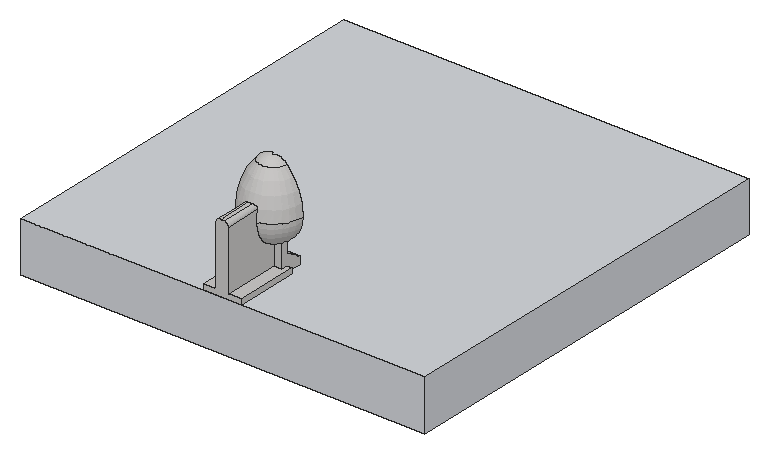
Revit family
Parameters (values of type "1685-W-2")
  Waste Connection = yes
  WO3B - 3" Waste Outlet from 2-3/8" Waste (1.6 or 3.5 GPF) = no
  WO3 - 3" Toilet P-Trap (3.5 GPF Only) = no
  W - Wall Supply (Concealed) = no
  Vent Connection = no
  VAC - AcornVac System = no
  URL = "http://www.acorneng.com"
  ULF-1.6 GPF = no
  TWE - 3" (76mm) Standard Toilet Waste Extension (Specify Length Beyond Fixture) = no
  TSC - Toilet Shipping Cover = no
  TG - 12 Gage (2.77mm) Cabinet = no
  TF - 120VAC to 24VAC Transformer = no
  T - Top Supply (Exposed) = no
  SW - Wall Sleeve = no
  SPS - Suicide Prevention Skirt = no
  PH - Paper Holder (Available Only with -FVC) = no
  PFS - Punched for Seat by Others = no
  PC - Pinned Cleanout Plug = no
  Model = "1685-W-2"
  Manufacturer = "Acorn Engineering"
  MVCFV - Time-Trol Electronic Flush Valve (N/A for Top Supply) = no
  MT - Metal Template (Only 1 Required Per Project) = no
  HW Connection = no
  HS - Hinged Seat (N/A with -FVC Option) = no
  HPS - High Polish Seat #7 Finish = no
  HET-1.28 GPF = no
  HET - High Efficiency Toilet Design = no
  GW - Gasketed Toilet Waste = no
  FVT - Flush Valve Through Wall Connector = no
  FVL - Flush Valve, ADA Lever Handle = no
  FVH - Flush Valve, Hydraulic (N/A for Top Supply) = no
  FVCH - Flush Valve Cover w/ Hydraulic F.V. Psh. Btn. (L, R) = no
  FVC - Flush Valve Cover w/ Mechanical F.V. (N/A for ADA) = no
  FVBO - Flush Valve by Others = no
  FV - Flush Valve, Mechanical (N/A for ADA) = no
  FTE - Flood-Trol, Electronic = no
  FTA - Flood-Trol, Auto-Reset = no
  FT - Flood-Trol (Manual Reset) = no
  EVSPFV - Electronic Flush Valve w/ Piezo Pushbutton (N/A for Top Supply) = no
  EVSFV - Electronic Flush Valve (N/A for Top Supply) = no
  EG - Enviro-Glaze Toilet Interior = ""
  EG - Enviro-Glaze Toilet Exterior Only (Specify Color) = no
  Designed By = "ATS BIM Team"
  Description = "Blowout Jet Toilet - On-Floor"
  Default Elevation = 15"
  Copyrighted By = "ATS"
  CW Connection = yes
  COH - Cleanout Hook Assembly = no
  CO1-3 - Cleanout w/ O-Ring Connection to No-Hub 3" = no
  CO1 - Cleanout With O-Ring Connecting To No-Hub 4" (102mm) = no
  ADA - ADA Compliant 18" (457mm) Integral Seat Height = no
  3.5 GPF = no
  2 - On-Floor, Wall Outlet = yes
Reference planes (in)
  plane 1 "Center": y = 0
  plane 2: z = 0
  plane 3 "Center (Left/Right)": x = 0
  plane 4: y = -48
  plane 5 "Center (Front/Back)": y = -33
  plane 6: y = -29.25
  plane 7: x = -4.5
  plane 8: x = 4.5
  plane 9: x = -6.97132
  plane 10: x = 6.97132
  plane 11: y = -36.75
  plane 12: y = -48
  plane 13: y = -31.5
Forms (in)
  Extrusion 1, solid
    sketch origin (0, 0, 0) x (1, 0, 0) y (0, 1, 0)
      loop
        line (-48, 48) -> (-48, -48) -> (48, -48) -> (48, 48) -> (-48, 48)
    from 0 to -12
  Revolve 2, solid, material "Stainless Steel, Satin Finish"
    sketch origin (0, -33, 12.10003) x (1, 0, 0) y (0, 0, -1)
      loop
        arc (-3.1237, 5.39837) -> (-5.92965, 2.82238) -> (-6.97132, -0.84149) r 7
        arc (-6.97132, -0.84149) -> (-5.99142, -6.1478) -> (-3.19014, -10.75973) r 14.9375
        arc (-3.19014, -10.75973) -> (-1.74791, -11.80908) -> (0, -12.16403) r 4.19285
        line (0, -12.16403) -> (0, -10.72641)
        arc (0, -10.72641) -> (-0.92428, -10.46641) -> (-1.59867, -9.78296) r 1.875
        arc (-1.59867, -9.78296) -> (-3.27677, -6.2287) -> (-4.37706, -2.45535) r 25
        arc (-4.37706, -2.45535) -> (-3.47127, 1.28936) -> (0, 2.96077) r 4.5
        line (0, 2.96077) -> (0, 5.39837) -> (-3.1237, 5.39837)
      axis (0, -12.16403) -> (0, 5.39837)
    angle from 0 to 180
  Extrusion 3, solid, material "Stainless Steel, Satin Finish"
    sketch origin (0, -33, 12.10003) x (1, 0, 0) y (0, 0, -1)
      loop
        line (-3.28382, 10.7073) -> (-3.28382, 5.29093) -> (3.32825, 5.29093) -> (3.32825, 10.7073) -> (-3.28382, 10.7073)
    from -1.57286 to 0
  Extrusion 4, solid
    sketch origin (0, -48.19028, -6) x (1, 0, 0) y (0, 1, 0)
      loop
        circle (0, 11.44028) r 1.1875
    from 3 to 6
  Extrusion 5, solid, material "Stainless Steel, Satin Finish"
    sketch origin (0, 0, 0) x (1, 0, 0) y (0, 1, 0)
      loop
        line (-4.5, -48) -> (4.47065, -48) -> (4.47065, -33) -> (-4.5, -33) -> (-4.5, -48)
    from 0 to 1.39272
  Extrusion 6, solid, material "Stainless Steel, Satin Finish"
    sketch origin (0, 0, 0) x (0, 1, 0) y (0, 0, 1)
      loop
        line (-34.57286, 6.70166) -> (-36.1237, 6.70166)
        arc (-36.1237, 6.70166) -> (-38.92314, 9.28166) -> (-39.97132, 12.94152) r 7.04434
        arc (-39.97132, 12.94152) -> (-39.81222, 14.81739) -> (-39.32014, 16.63455) r 10.48201
        line (-39.32014, 16.63455) -> (-48, 16.63455) -> (-48, 1.39272) -> (-34.57286, 1.39272) -> (-34.57286, 6.70166)
    from -1.5 to 1.5
  Extrusion 7, void
    sketch origin (0, 0, 0) x (1, 0, 0) y (0, 0, 1)
      loop
        line (-0.5, 16.46665) -> (0.5, 16.46665)
        arc (0.5, 16.46665) -> (1.20711, 16.17376) -> (1.5, 15.46665) r 1
        line (1.5, 15.46665) -> (1.5, 16.63455) -> (-1.5, 16.63455) -> (-1.5, 15.46665)
        arc (-1.5, 15.46665) -> (-1.20711, 16.17376) -> (-0.5, 16.46665) r 1
    from 39.24174 to 48
  Extrusion 8, solid, material "Stainless Steel, Satin Finish"
    sketch origin (0, 0, 0) x (0, 1, 0) y (0, 0, 1)
      loop
        line (-33, 0) -> (-29.25, 0) -> (-29.25, 1.92381) -> (-33, 4.08888) -> (-33, 0)
    from -3.28382 to 3.32825
  Extrusion 9, solid
    sketch origin (0, 0, 0) x (1, 0, 0) y (0, 1, 0)
      loop
        circle (0, -31.5) r 0.95
    from 0 to 0.43858
Cuts and joins
  Extrusion 7 cuts Extrusion 6
  joined: Revolve 2, Extrusion 3, Extrusion 5, Extrusion 6, Extrusion 8
Dimensions and locks (in)
  plane 4 to plane 6 = 18 3/4"
  plane 7 to plane 3 "Center (Left/Right)" = 4 1/2"
  plane 4 to plane 5 "Center (Front/Back)" = 15"
  Extrusion 1 to Extrusion 4 = 3"
  plane 12 to plane 11 = 11 1/4"
  plane 4 to plane 13 = 16 1/2"
  aligned and locked: plane 2 to Extrusion 1
  aligned and locked: level to Extrusion 1
Connectors (in)
  piping at (0, -36.75, -3)
    settings: on Extrusion 4, index 2
  piping at (0, -31.5, 0)
    settings: on Extrusion 9, index 3
